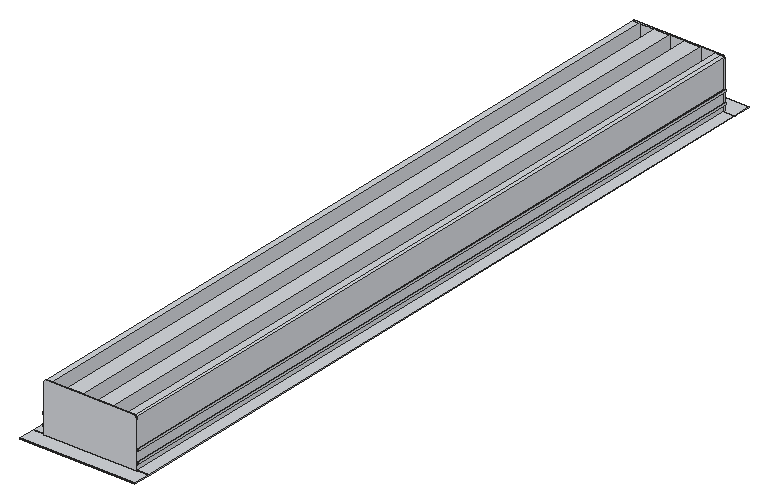
Revit family "SLAD-FS-100 3 Slot", category Air Terminals, Revit 2016
Family settings
  Part Type = Normal
  Round Connector Dimension = Use Diameter
  Work Plane-Based = No
  Always vertical = Yes
  Cut with Voids When Loaded = No
  Shared = No
  Room Calculation Point = No
Parameters
  URL = "http://www.anemostat.com/"
  Model = "SLAD-FS-100"
  Manufacturer = "Anemostat"
  Length  User Defined = 48"
  Duct Width = 6 5/16"
  Duct Length = Length  User Defined + 1/4"  # 48 1/4"
  C = 7 1/2"
Reference planes (in)
  plane 1 "Center (Front/Back)": y = 0
  plane 2: z = 0
  plane 3 "Center (Left/Right)": x = 0
  plane 4: x = -3.75
  plane 5: x = 3.75
  plane 6: y = -24
  plane 7 "Length": y = -48
  plane 8 "Face": z = -0.05
  plane 9: x = -2.5
  plane 10: x = 2.5
Forms (in)
  Extrusion 1, solid
    sketch origin (0, 0, 0) x (1, 0, 0) y (0, 0, 1)
      loop
        line (2.91328, 3.231) -> (-2.91328, 3.231) -> (-3.025, 3.11928) -> (-3.025, 1.27628) -> (-3.145, 1.27628) -> (-3.145, 1.16428) -> (-3.095, 1.16428) -> (-3.095, 1.22628) -> (-3.025, 1.22628) -> (-3.025, 0.47128) -> (-3.095, 0.47128) -> (-3.095, 0.53328) -> (-3.145, 0.53328) -> (-3.145, 0.42128) -> (-3.025, 0.42128) -> (-3.025, 0) -> (-3.75, 0) -> (-3.75, -0.05) -> (-2.50028, -0.05) -> (2.50028, -0.05) -> (3.75, -0.05) -> (3.75, 0) -> (3.025, 0) -> (3.025, 0.42128) -> (3.145, 0.42128) -> (3.145, 0.53328) -> (3.095, 0.53328) -> (3.095, 0.47128) -> (3.025, 0.47128) -> (3.025, 1.22628) -> (3.095, 1.22628) -> (3.095, 1.16428) -> (3.145, 1.16428) -> (3.145, 1.27628) -> (3.025, 1.27628) -> (3.025, 3.11928) -> (2.91328, 3.231)
    from 0 to 48 <- "Length  User Defined"
  Extrusion 2, solid
    sketch origin (0, 0, 0) x (1, 0, 0) y (0, 0, 1)
      loop
        line (-3.025, 0) -> (3.025, 0) -> (3.025, 3.11928) -> (2.91328, 3.231) -> (-2.91328, 3.231) -> (-3.025, 3.11928) -> (-3.025, 0)
    from 0 to -0.0625
  Extrusion 3, solid
    sketch origin (0, -48, 0) x (0, 0, 1) y (-1, 0, 0)
      loop
        line (0, -3.025) -> (3.11928, -3.025) -> (3.231, -2.91328) -> (3.231, 2.91328) -> (3.11928, 3.025) -> (0, 3.025) -> (0, -3.025)
    from 0 to 0.0625
  Extrusion 4, void
    sketch origin (-1, 0, -0.05) x (-1, 0, 0) y (0, -1, 0)
      loop
        line (0.5, 0) -> (1.5, 0) -> (1.5, 48) -> (0.5, 48) -> (0.5, 0)
    from 0 to 3.28125
  Extrusion 5, void
    sketch origin (-1, 0, -0.05) x (-1, 0, 0) y (0, -1, 0)
      loop
        line (-0.5, 0) -> (-0.5, 48) -> (-1.5, 48) -> (-1.5, 0) -> (-0.5, 0)
    from 0 to 3.28125
  Extrusion 6, solid
    sketch origin (0, 0, 0) x (1, 0, 0) y (0, 0, 1)
      loop
        line (-3.75, 0) -> (-3.75, -0.05) -> (3.75, -0.05) -> (3.75, 0) -> (-3.75, 0)
    from 0 to -1.10156
  Extrusion 7, solid
    sketch origin (0, -48, 0) x (0, 0, 1) y (-1, 0, 0)
      loop
        line (0, -3.75) -> (0, 3.75) -> (-0.05, 3.75) -> (-0.05, -3.75) -> (0, -3.75)
    from 0 to 1.10156
  Extrusion 8, void
    sketch origin (0, 0, -0.05) x (-1, 0, 0) y (0, -1, 0)
      loop
        line (-2.5, 0) -> (-1.5, 0) -> (-1.5, 48) -> (-2.5, 48) -> (-2.5, 0)
    from 0 to 3.28125
Cuts and joins
  Extrusion 4, Extrusion 5, Extrusion 8 cuts Extrusion 1
  Extrusion 4, Extrusion 5, Extrusion 8 cuts Extrusion 2
  Extrusion 4, Extrusion 5, Extrusion 8 cuts Extrusion 3
  Extrusion 8 cuts Extrusion 6
  Extrusion 8 cuts Extrusion 7
Dimensions and locks (in)
  equal spacing: plane 5, plane 3 "Center (Left/Right)", plane 4
  "C": plane 5 to plane 4
  equal spacing: plane 1 "Center (Front/Back)", plane 6, plane 7 "Length"
  "Length  User Defined": plane 1 "Center (Front/Back)" to plane 7 "Length"
  aligned and locked: Extrusion 8 sketch curve to plane 1 "Center (Front/Back)"
  aligned and locked: plane 10 to Extrusion 8 sketch curve
  aligned and locked: plane 7 "Length" to Extrusion 8 sketch curve
Automatic sketch dimensions
  Extrusion 1 sketch curve to level = 0"  (x2)
  Extrusion 1 sketch curve to plane 4 = 0"
  Extrusion 1 sketch curve to plane 5 = 0"
  plane 4 to Extrusion 1 sketch curve = 0.605"  (x2)
  Extrusion 1 sketch curve to Extrusion 1 sketch curve = 0.05"  (x8)
  Extrusion 1 sketch curve to Extrusion 1 sketch curve = 0.07"  (x3)
  Extrusion 1 sketch curve to Extrusion 1 sketch curve = 0.12"
  plane 4 to Extrusion 1 sketch curve = 0.725"
  Extrusion 1 sketch curve to Extrusion 1 sketch curve = 0.11172"  (x3)
  Extrusion 1 sketch curve to Extrusion 1 sketch curve = 0.52472"  (x2)
  Extrusion 1 sketch curve to plane 5 = 1.24972"
  Extrusion 1 sketch curve to plane 5 = 0.83672"
  Extrusion 1 sketch curve to Extrusion 1 sketch curve = 0"
  Extrusion 1 sketch curve to level = 0.05"
  Extrusion 1 sketch curve to Extrusion 1 sketch curve = 0.42128"  (x2)
  Extrusion 1 sketch curve to Extrusion 1 sketch curve = 0.062"  (x4)
  Extrusion 1 sketch curve to Extrusion 1 sketch curve = 0.631"  (x2)
  Extrusion 1 sketch curve to Extrusion 1 sketch curve = 1.843"  (x2)
  plane 7 "Length" to Extrusion 4 sketch curve = 0"
  plane 1 "Center (Front/Back)" to Extrusion 4 sketch curve = 0"
  Extrusion 4 sketch curve to plane 3 "Center (Left/Right)" = 1 1/2"
  Extrusion 4 sketch curve to Extrusion 4 sketch curve = 1"
  plane 7 "Length" to Extrusion 5 sketch curve = 0"
  plane 1 "Center (Front/Back)" to Extrusion 5 sketch curve = 0"
  Extrusion 5 sketch curve to plane 5 = 3 1/4"
  Extrusion 5 sketch curve to plane 3 "Center (Left/Right)" = 1/2"
  Extrusion 6 sketch curve to plane 4 = 0"
  Extrusion 6 sketch curve to plane 5 = 0"
  Extrusion 6 sketch curve to plane 8 "Face" = 0"
  Extrusion 6 sketch curve to level = 0"
  Extrusion 7 sketch curve to plane 5 = 0"
  Extrusion 7 sketch curve to plane 8 "Face" = 0"
  Extrusion 7 sketch curve to level = 0"
  Extrusion 7 sketch curve to plane 4 = 0"
  Extrusion 3 sketch curve to level = 0"
  Extrusion 3 sketch curve to plane 5 = 0.725"
  level to Extrusion 3 sketch curve = 3.11928"  (x2)
  plane 4 to Extrusion 3 sketch curve = 0.725"
  Extrusion 3 sketch curve to plane 5 = 0.83672"
  Extrusion 3 sketch curve to Extrusion 3 sketch curve = 0.11172"  (x2)
  Extrusion 2 sketch curve to level = 0"
  plane 4 to Extrusion 2 sketch curve = 0.725"
  Extrusion 2 sketch curve to Extrusion 2 sketch curve = 0.11172"  (x2)
  Extrusion 2 sketch curve to plane 5 = 0.83672"
  Extrusion 2 sketch curve to plane 5 = 0.725"
  Extrusion 2 sketch curve to Extrusion 2 sketch curve = 3.11928"
  level to Extrusion 2 sketch curve = 3.11928"
  Extrusion 8 sketch curve to Extrusion 8 sketch curve = 1"
Connectors (in)
  hvac at (0, -24, 3.231), driven by "Duct Length", driven by "Duct Width"
    settings: on Extrusion 1, index 1, duct flow 0 CFM, flow factor 0, pres drop 0.00 in-wg, loss coef 0, conn angle 0.00°, conn width 6 5/16", conn height 48 1/4", conn diameter 24", duct sys type 1, conn prof type 1, flow config 0, flow direction 0, loss method 0, conn ref index -1, conn util no, is conn primary yes, conn desc ""
